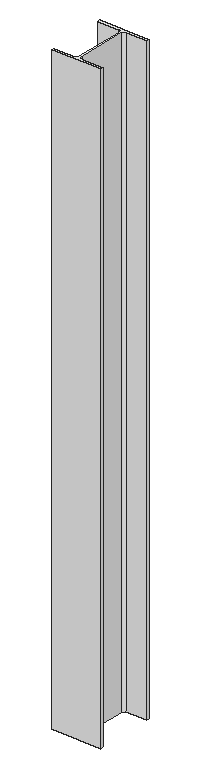
Revit family "Steel Column_H_KSD3502", category Structural Columns, Revit 2023
Family settings
  Section Shape = I-shape Parallel Flange
  Material for Model Behavior = Steel
  Always export as geometry = No
  Beam cutback in plan = From bounding box
  Code Name = AISC 14.1
  OmniClass Number = 23.25.30.11.14.11
  OmniClass Title = Columns
  Cut with Voids When Loaded = No
  Symbolic Representation = From Project Settings
  Shared = No
  Show family pre-cut in plan views = Yes
Parameters (values of type "W250X49.1")
  Width = 202.00 mm
  Web Thickness = 7.37 mm
  Web Fillet = 12.70 mm
  Warping Constant = 0.00026439 (stored number, unit not read)
  Torsional Moment of Inertia = 243000.00 mm⁴
  Structural Material [instance] = Steel, 45-345
  Section Name Key = ""
  Section Area = 6260.0 mm²
  Plastic Modulus weak axis = 229000.0 mm³
  Plastic Modulus strong axis = 636000.0 mm³
  Perimeter = 4.1667 (stored number, unit not read)
  Nominal Weight = 49.0998 kgf/m
  Moment of Inertia weak axis = 15200000.00 mm⁴
  Moment of Inertia strong axis = 71200000.00 mm⁴
  Height = 247.00 mm
  Flange Thickness = 11.00 mm
  Elastic Modulus weak axis = 151000.0 mm³
  Elastic Modulus strong axis = 574000.0 mm³
  Centroid Vertical = Height / 2  # 123.50 mm
  Centroid Horizontal = Width / 2  # 101.00 mm
  Bolt Spacing = 0.0 mm
  Assembly Code = ""
Types (2, lengths in mm): name | Width | Web Thickness | Warping Constant | Torsional Moment of Inertia | Section Area | Plastic Modulus weak axis | Plastic Modulus strong axis | Perimeter | Nominal Weight | Moment of Inertia weak axis | Moment of Inertia strong axis | Height | Flange Thickness | Elastic Modulus weak axis | Elastic Modulus strong axis | Centroid Vertical | Centroid Horizontal | Bolt Spacing
  W250X73 | 254.00 | 8.64 | 0.0006934 (stored number, unit not read) | 579000.00 mm⁴ | 9290.0 mm² | 464000.0 mm³ | 990000.0 mm³ | 4.8885 (stored number, unit not read) | 72.9997 kgf/m | 38900000.00 mm⁴ | 113000000.00 mm⁴ | 254.00 | 14.20 | 306000.0 mm³ | 895000.0 mm³ | 127.00 | 127.00 | 139.7
  W250X49.1 | 202.00 | 7.37 | 0.00026439 (stored number, unit not read) | 243000.00 mm⁴ | 6260.0 mm² | 229000.0 mm³ | 636000.0 mm³ | 4.1667 (stored number, unit not read) | 49.0998 kgf/m | 15200000.00 mm⁴ | 71200000.00 mm⁴ | 247.00 | 11.00 | 151000.0 mm³ | 574000.0 mm³ | 123.50 | 101.00 | 0.0
Reference planes
  plane 1: y = 0
  plane 2: z = 0
  plane 3: x = 0
  plane 4: x = -101
  plane 5: x = 101
  plane 6: y = 123.5
  plane 7: y = -123.5
  plane 8: x = -3.969
  plane 9: x = 3.969
Forms (mm)
  Extrusion 1, solid, material "Steel, 45-345" <- "Structural Material", detail levels medium
    sketch origin (0, 0, 0) x (1, 0, 0) y (0, 1, 0)
      loop
        line (-101, 123.5) -> (-101, 112.5) -> (-3.685, 112.5) -> (-3.685, -112.5) -> (-101, -112.5) -> (-101, -123.5) -> (101, -123.5) -> (101, -112.5) -> (3.685, -112.5) -> (3.685, 112.5) -> (101, 112.5) -> (101, 123.5) -> (-101, 123.5)
    from 0 to 2500
  Extrusion 2, solid, material "Steel, 45-345" <- "Structural Material", detail levels fine
    sketch origin (0, 0, 0) x (1, 0, 0) y (0, 1, 0)
      loop
        line (-101, 123.5) -> (-101, 112.5) -> (-16.385, 112.5)
        arc (-16.385, 112.5) -> (-7.405, 108.78) -> (-3.685, 99.8) r 12.7
        line (-3.685, 99.8) -> (-3.685, -99.8)
        arc (-3.685, -99.8) -> (-7.405, -108.78) -> (-16.385, -112.5) r 12.7
        line (-16.385, -112.5) -> (-101, -112.5) -> (-101, -123.5) -> (101, -123.5) -> (101, -112.5) -> (16.385, -112.5)
        arc (16.385, -112.5) -> (7.405, -108.78) -> (3.685, -99.8) r 12.7
        line (3.685, -99.8) -> (3.685, 99.8)
        arc (3.685, 99.8) -> (7.405, 108.78) -> (16.385, 112.5) r 12.7
        line (16.385, 112.5) -> (101, 112.5) -> (101, 123.5) -> (-101, 123.5)
    from 0 to 2500
Lines and regions (mm)
  symbolic lines, style "StructuralColumnStickSymbols", detail levels coarse
    curve 1: line (-101, 123.5, 0) -> (101, 123.5, 0)
    curve 2: line (-101, -123.5, 0) -> (101, -123.5, 0)
    curve 3: line (0, 123.5, 0) -> (0, -123.5, 0)
  symbolic lines, style "Hidden Faces", detail levels medium+fine
    curve 4: line (-3.969, 0, 0) -> (-3.969, 0, 2500)
    curve 5: line (3.969, 0, 2500) -> (3.969, 0, 0)
Dimensions and locks
  equal spacing: plane 4, plane 3, plane 5
  equal spacing: plane 7, plane 1, plane 6
  "Height": plane 7 to plane 6
  "Width": plane 4 to plane 5
  "Flange Thickness": plane 7 to Extrusion 1 sketch curve
  "Flange Thickness": Extrusion 1 sketch curve to plane 6
  equal spacing: Extrusion 1 sketch curve, plane 3, Extrusion 1 sketch curve
  "Web Thickness": Extrusion 1 sketch curve to Extrusion 1 sketch curve
  "Web Fillet": radius of Extrusion 2 sketch curve  (x4)
  aligned and locked: plane 6 to Extrusion 1 sketch curve
  aligned and locked: Extrusion 1 sketch curve to plane 7
  aligned and locked: Extrusion 1 sketch curve to plane 4  (x2)
  aligned and locked: plane 5 to Extrusion 1 sketch curve  (x2)
  aligned and locked: Extrusion 1 sketch curve to Extrusion 1 sketch curve  (x2)
  aligned and locked: level to Extrusion 1
  aligned and locked: level to plane 2
  aligned and locked: Extrusion 1 to plane 2
  aligned and locked: plane 6 to Extrusion 2 sketch curve
  aligned and locked: plane 5 to Extrusion 2 sketch curve  (x2)
  aligned and locked: Extrusion 2 sketch curve to plane 4  (x2)
  aligned and locked: Extrusion 2 sketch curve to Extrusion 1  (x6)
  aligned and locked: Extrusion 2 sketch curve to plane 7
  aligned and locked: level to Extrusion 2
  aligned and locked: Extrusion 2 to level
Automatic sketch dimensions
  curve 2 to plane 4 = 0.00 mm
  curve 1 to plane 4 = 0.00 mm
  curve 3 to plane 3 = 0.00 mm
  curve 2 to plane 5 = 0.00 mm
  curve 1 to plane 5 = 0.00 mm
  curve 3 to plane 7 = 0.00 mm
  curve 3 to plane 6 = 0.00 mm
  curve 4 to level = 0.00 mm  (x2)
  curve 4 to plane 8 = 0.00 mm
  curve 5 to level = 0.00 mm  (x2)
  curve 5 to plane 9 = 0.00 mm
